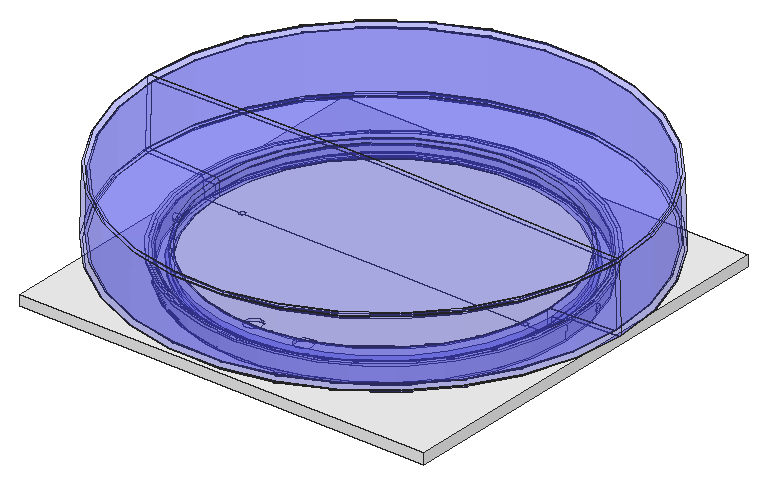
Revit family "BE_23297_de_DE", category Leuchten, Revit 2015
Parameters (values of type "BEGA_23297_K4")
  built-in parameter 1150104 = 12.105 (stored number, unit not read)
  Wattage = 37.8 W
  Default Elevation = 0 mm
  built-in parameter 1150113 = 1 (stored number, unit not read)
  built-in parameter 1114218 = 1 (stored number, unit not read)
  Umgebungstemperatur = "25 °C"
  URL = "http://www.bega.de/produkt/23297"
  Typenkommentare = "© 2017 BEGA. Wir behalten uns das Recht vor, technische Änderungen ohne vorherige Ankündigung vorzunehmen."  # constant formula
  built-in parameter 1150134 = 12
  built-in parameter 1150109 = 1 (stored number, unit not read)
  Strom = ""
  built-in parameter 1150110 = 1 (stored number, unit not read)
  Spannung = 239.996 V
  Sonderanfertigung = no
  Seriennummer [instance] = "Hier können Sie die eindeutige Seriennummer für das Facility Management eintragen."
  Schutzklasse = "I"
  Schutzart = "IP 44"
  Scheinlast = 0 VA
  Produktdatenblatt = "http://www.bega.de/download/Xrfa/db/23297.db.de.pdf"
  Oberflächentemperatur = ""
  Neigungswinkel = 0.00°
  Modell = "23297K4"
  Material_17 = BEGA_Reflektor
  Material_15 = BEGA_Leuchtmedium_matt
  Material_11 = BEGA_Glas_opal
  Material_09 = BEGA_Glas_klar
  Material_06 = BEGA_Oberfläche_Edelstahl_gebürstet
  Material_05 = BEGA_Oberfläche_Aluminium Guss
  Material_03 = BEGA_Oberfläche_Weiss_matt
  Material_02 = BEGA_Oberfläche_Silber_matt
  Material_01 [instance] = BEGA_Oberfläche_Grafit_matt
  M_W = no
  M_G = no
  M_A = no
  Logo = 0
  built-in parameter 1114217 = 1 (stored number, unit not read)
  built-in parameter 1150139 = (empty or 0)
  built-in parameter 1150105 = 1228.4 (stored number, unit not read)
  built-in parameter 1150114 = 1 (stored number, unit not read)
  Lumens = 4925.34 lm
  built-in parameter 1150115 = 1 (stored number, unit not read)
  Leuchtenlichtstrom = "3427 lm"
  Leuchtenanzahl = ""
  Lebensdauerkriterien = "L70B50 @ 25 °C = 192000 h"
  Lastklassifizierung = Beleuchtung
  built-in parameter 1150112 = 1 (stored number, unit not read)
  Lampenlichtstrom = "4925 lm"
  Lampe = "LED 37.8 W"
  LED_Modulbezeichnung = "LED-0531/940 "
  Hersteller = "BEGA"  # constant formula
  Halbstreuwinkel = ""
  Gewicht = "5.2 kg"
  Gebrauchslageneinschränkung [instance] = ""
  Frequenz = "0/50-60 Hz"
  Farbwiedergabeindex = "Ra > 90"
  Farbtemperaturverschiebung bei Dämpfen der Lampe = <Keine Auswahl>
  Farbtemperatur = "4000 K"
  Color Filter = 16777215
  built-in parameter 1150133 = 10 (stored number, unit not read)
  Energieeffizienzklasse = "LED A++ - A"
  built-in parameter 1150137 = (empty or 0)
  built-in parameter 1150132 = (empty or 0)
  ENEC = ""
  Dimmbar [instance] = "DALI"
  Datei für fotometrisches Netz = "BE_23297K4.IES"
  CE_Konformität = "ja"
  Bestellnummer = "23297K4"
  Beschreibung_Sonderanfertigung = "Hier können Sie Informationen zur Sonderanfertigung eintragen."
  Beschreibung = "Decken- und Wandleuchte"
  built-in parameter 1150106 = 12.284 (stored number, unit not read)
  Befestigungsbohrung = "Ø 5,5 mm"
  Befestigungsabstand = "280 mm"
  Ballwurfsicher = ""
  BEGA_Intern_aus = yes
  BEGA_Intern_an = yes
  BEGA_Intern_Konstruktion = yes
  BEGA_Intern = yes
  BEGA_IES = yes
  BEGA_Dummy = no
  Anschlussleitung = ""
  Anschlussleistung [instance] = "43.5 W"
  Anschlusskasten = ""
  built-in parameter 1150107 = 4000 (stored number, unit not read)
  built-in parameter 1150102 = (empty or 0)
  built-in parameter 1150138 = (empty or 0)
  Aktualisierung = "2017-08-30T04:09:44"
  Abstand_zur_angestrahlten_Fläche [instance] = ""
  AC/DC = "AC/DC"
Types (2, lengths in mm): name | built-in parameter 1150104 | built-in parameter 1150134 | Modell | built-in parameter 1150105 | Lumens | Leuchtenlichtstrom | Lampenlichtstrom | LED_Modulbezeichnung | Farbtemperatur | Datei für fotometrisches Netz | Bestellnummer | built-in parameter 1150106 | built-in parameter 1150107
  BEGA_23297_K3 | 11.678 (stored number, unit not read) | (empty or 0) | "23297" | 1185.1 (stored number, unit not read) | 4751.46 lm | "3305 lm" | "4750 lm" | "LED-0531/930 " | "3000 K" | "BE_23297.IES" | "23297" | 11.851 (stored number, unit not read) | 3000 (stored number, unit not read)
  BEGA_23297_K4 | 12.105 (stored number, unit not read) | 12 | "23297K4" | 1228.4 (stored number, unit not read) | 4925.34 lm | "3427 lm" | "4925 lm" | "LED-0531/940 " | "4000 K" | "BE_23297K4.IES" | "23297K4" | 12.284 (stored number, unit not read) | 4000 (stored number, unit not read)
Reference planes
  plane 1 "Mitte (Vorne/Hinten)": y = 0
  plane 2: z = 0
  plane 3 "Mitte (Links/Rechts)": x = 0
  plane 4 "Links": x = -234.948
  plane 5 "Rechts": x = 234.948
  plane 6 "Unten": y = -234.9
  plane 7 "Oben": y = 234.9
  plane 8 "Vorne": z = 99.7
  plane 9 "Hinten": z = 0
Forms (mm)
  Extrusion 1, solid, material "BEGA_Platte_Weiss"
    sketch origin (0, -1119.2, 0) x (1, 0, 0) y (0, 1, 0)
      loop
        line (-200, 1319.2) -> (-200, 919.2) -> (200, 919.2) -> (200, 1319.2) -> (-200, 1319.2)
    from 0 to -10
  Extrusion 2, solid, material "BEGA_Dummy_matt", visible <- "BEGA_Dummy"
    sketch origin (77.149, -76.023, 0) x (1, 0, 0) y (0, 1, 0)
      loop
        circle (-77.149, 76.023) r 235
    from 0 to 99.7
Dimensions and locks
  plane 1 "Mitte (Vorne/Hinten)" to Extrusion 1 = 200 mm
  aligned and locked: plane 2 to Extrusion 1
  aligned and locked: level to Extrusion 1
Nested families
  nested 1: "BE_23297" at (0, 0, 0), type "BE_23297"
Connectors
  electrical at (0, 0, 0), driven by "Lastklassifizierung", driven by "Spannung", driven by "Scheinlast"
    settings: index 1, voltage 239.996 V, apparent load 0 VA, apparent load phase1 0 VA, apparent load phase2 0 VA, apparent load phase3 0 VA, power factor 1, load classification "Beleuchtung", number of poles 1, system type 31, power factor state 1, is connector primary yes, connector utility no, sub classification motor no, connector description ""
Definition of nested family "BE_23297"
  Parameters (values of type "BE_23297")
    Default Elevation = 1 mm
    URL = "http://www.bega.de/de/produkt"
    Type Comments = "© 2015 BEGA. Wir behalten uns das Recht vor, technische Änderungen ohne vorherige Ankündigung vorzunehmen. "  # constant formula
    Type Image = (empty or 0)
    Neigungswinkel_um_Z2 = 0.00°
    Neigungswinkel_um_Z1 = 0.00°
    Neigungswinkel_um_Y2 = 0.00°
    Neigungswinkel_um_Y1 = 0.00°
    Neigungswinkel_um_X2 = 0.00°
    Neigungswinkel_um_X1 = 0.00°
    Material_17 = none
    Material_15 = none
    Material_11 = none
    Material_09 = none
    Material_06 = none
    Material_05 = none
    Material_03 = none
    Material_02 = none
    Material_01 = none
    M_W = yes
    M_G = yes
    M_A = yes
    Länge_Platte = 600 mm  # constant formula
    Höhe_Platte = -10 mm  # constant formula
    Manufacturer = "BEGA"  # constant formula
    Drehwinkel_um_Z2 = 0.00°
    Drehwinkel_um_Z1 = 0.00°
    Breite_Platte = 600 mm  # constant formula
  Reference planes
    plane 1 "Mitte (Oben/Unten)": y = 0
    plane 2: z = 0
    plane 3 "Mitte (Links/Rechts)": x = 0
    plane 4: x = -234.948
    plane 5: z = 99.7
    plane 6: x = 234.948
    plane 7: y = -234.9
    plane 8: y = 234.9
  Forms (mm)
    Extrusion 1, solid, detail levels medium
      sketch origin (0, 0, 0) x (1, 0, 0) y (0, 1, 0)
        loop
          line (-300, 300) -> (-300, -300) -> (300, -300) -> (300, 300) -> (-300, 300)
      from 0 to -10 <- "Höhe_Platte"
    Revolve 2, solid, material <- "Material_03", detail levels medium+fine
      sketch origin (0, 0, 0) x (1, 0, 0) y (0, 0, 1)
        loop
          line (-185, 23.01) -> (-182.531, 23)
          arc (-182.531, 23) -> (-181.129, 22.426) -> (-180.531, 21.035) r 2
          line (-180.531, 21.035) -> (-180.268, 5.954)
          arc (-180.268, 5.954) -> (-179.372, 3.864) -> (-177.268, 3) r 3
          line (-177.268, 3) -> (0, 3) -> (0, 5.01) -> (-177.268, 5.01)
          arc (-177.268, 5.01) -> (-177.969, 5.297) -> (-178.268, 5.993) r 1
          line (-178.268, 5.993) -> (-178.531, 21.065)
          arc (-178.531, 21.065) -> (-179.726, 23.851) -> (-182.531, 25.01) r 4
          line (-182.531, 25.01) -> (-185, 25.01) -> (-185, 23.01)
        axis (0, 3) -> (0, 25.01)
      angle from 0 to 360
    Revolve 3, solid, material <- "Material_11", detail levels medium+fine
      sketch origin (0, 0, 0) x (1, 0, 0) y (0, 0, 1)
        loop
          line (0, 99.7) -> (-231.281, 95.733)
          arc (-231.281, 95.733) -> (-232.657, 95.151) -> (-233.246, 93.778) r 2
          line (-233.246, 93.778) -> (-234.948, 28.777)
          arc (-234.948, 28.777) -> (-234.406, 27.354) -> (-233.019, 26.726) r 2
          line (-233.019, 26.726) -> (-179.745, 24.866)
          arc (-179.745, 24.866) -> (-178.929, 22.638) -> (-176.75, 21.7) r 3
          line (-176.75, 21.7) -> (-166.5, 21.7) -> (-166.5, 15.467) -> (-169, 13.263) -> (-169, 9.7) -> (-165, 9.7) -> (-162.5, 11.7) -> (-162.5, 25.461)
          arc (-162.5, 25.461) -> (-163.315, 27.479) -> (-165.303, 28.364) r 2.905
          line (-165.303, 28.364) -> (-228.913, 30.585)
          arc (-228.913, 30.585) -> (-230.305, 31.216) -> (-230.845, 32.646) r 2
          line (-230.845, 32.646) -> (-229.347, 89.852)
          arc (-229.347, 89.852) -> (-228.757, 91.219) -> (-227.386, 91.799) r 2
          line (-227.386, 91.799) -> (0, 95.699) -> (0, 99.7)
        axis (0, 99.7) -> (0, 9.7)
      angle from 0 to 360
    Extrusion 4, void
      sketch origin (0, 0, 0) x (1, 0, 0) y (0, 1, 0)
        loop
          circle (-25, -130) r 8.5
        loop
          circle (-140, 0) r 2.75
        loop
          circle (25, -130) r 8.5
        loop
          circle (140, 0) r 2.75
      from 0 to 6
    Revolve 5, solid, material <- "Material_03", detail levels medium+fine
      sketch origin (20.712, -116.673, 0) x (1, 0, 0) y (0, 0, 1)
        loop
          line (-137.385, 3.824) -> (-146.241, 3.824)
          arc (-146.241, 3.824) -> (-142.208, 0.997) -> (-137.385, 0) r 12.167
          line (-137.385, 0) -> (-137.385, 3.824)
        axis (-137.385, 0) -> (-137.385, 3.824)
      angle from 0 to 360
    Revolve 6, solid, material <- "Material_06", detail levels fine
      sketch origin (0, 0, 11.5) x (0.087156, -0.996195, 0) y (0.996195, 0.087156, 0)
        loop
          line (28.144, -178.328) -> (31.345, -177.763) -> (29.972, -169.982) -> (26.772, -170.546) -> (28.144, -178.328)
        axis (29.972, -169.982) -> (31.345, -177.763)
      angle from 0 to 360
    Revolve 7, solid, material <- "Material_03", detail levels medium+fine
      sketch origin (-116.673, -20.712, 0) x (0, -1, 0) y (0, 0, 1)
        loop
          line (-137.385, 3.824) -> (-146.241, 3.824)
          arc (-146.241, 3.824) -> (-142.208, 0.997) -> (-137.385, 0) r 12.167
          line (-137.385, 0) -> (-137.385, 3.824)
        axis (-137.385, 0) -> (-137.385, 3.824)
      angle from 0 to 360
    Revolve 8, solid, material <- "Material_03", detail levels medium+fine
      sketch origin (116.673, 20.712, 0) x (0, 1, 0) y (0, 0, 1)
        loop
          line (-137.385, 3.824) -> (-146.241, 3.824)
          arc (-146.241, 3.824) -> (-142.208, 0.997) -> (-137.385, 0) r 12.167
          line (-137.385, 0) -> (-137.385, 3.824)
        axis (-137.385, 0) -> (-137.385, 3.824)
      angle from 0 to 360
    Revolve 9, solid, material <- "Material_03", detail levels medium+fine
      sketch origin (-20.712, 116.673, 0) x (-1, 0, 0) y (0, 0, 1)
        loop
          line (-137.385, 3.824) -> (-146.241, 3.824)
          arc (-146.241, 3.824) -> (-142.208, 0.997) -> (-137.385, 0) r 12.167
          line (-137.385, 0) -> (-137.385, 3.824)
        axis (-137.385, 0) -> (-137.385, 3.824)
      angle from 0 to 360
    Revolve 10, solid, material <- "Material_06", detail levels fine
      sketch origin (0, 0, 11.5) x (0.422618, -0.906308, 0) y (0.906308, 0.422618, 0)
        loop
          line (28.144, 178.328) -> (26.772, 170.546) -> (29.972, 169.982) -> (31.345, 177.763) -> (28.144, 178.328)
        axis (29.972, 169.982) -> (31.345, 177.763)
      angle from 0 to 360
  Cuts and joins
    Extrusion 4 cuts Revolve 2
    joined: Revolve 2, Revolve 5, Revolve 7, Revolve 8, Revolve 9
  Dimensions and locks
    equal spacing: Extrusion 1 sketch curve, plane 3 "Mitte (Links/Rechts)", Extrusion 1 sketch curve
    equal spacing: Extrusion 1 sketch curve, plane 1 "Mitte (Oben/Unten)", Extrusion 1 sketch curve
    "Länge_Platte": Extrusion 1 sketch curve to Extrusion 1 sketch curve
    "Breite_Platte": Extrusion 1 sketch curve to Extrusion 1 sketch curve
    aligned and locked: Extrusion 1 to plane 2
    aligned and locked: level to Extrusion 1
  Automatic sketch dimensions
    Revolve 2 sketch curve to Revolve 2 sketch curve = 0 mm  (x7)
    Revolve 2 sketch curve to plane 3 "Mitte (Links/Rechts)" = 0 mm  (x2)
    level to Revolve 2 sketch curve = 6.003 mm
    Revolve 2 sketch curve to plane 4 = 57.68 mm
    level to Revolve 2 sketch curve = 5.993 mm
    Revolve 2 sketch curve to Revolve 2 sketch curve = 1 mm
    level to Revolve 2 sketch curve = 21.065 mm
    Revolve 2 sketch curve to Revolve 2 sketch curve = 0.263 mm
    level to Revolve 2 sketch curve = 5.954 mm
    Revolve 2 sketch curve to Revolve 2 sketch curve = 2 mm  (x4)
    level to Revolve 2 sketch curve = 21.035 mm
    Revolve 2 sketch curve to Revolve 2 sketch curve = 2.469 mm
    level to Revolve 2 sketch curve = 3 mm
    Revolve 2 sketch curve to Revolve 2 sketch curve = 2.01 mm
    Revolve 2 sketch curve to Revolve 2 sketch curve = 0.035 mm
    Revolve 2 sketch curve to Revolve 2 sketch curve = 0.01 mm
    Revolve 2 sketch curve to Revolve 2 sketch curve = 0.569 mm
    plane 4 to Revolve 3 sketch curve = 0 mm  (x2)
    Revolve 3 sketch curve to plane 3 "Mitte (Links/Rechts)" = 0 mm  (x2)
    Revolve 3 sketch curve to plane 5 = 0 mm
    Revolve 3 sketch curve to plane 4 = 1.702 mm
    Revolve 3 sketch curve to plane 4 = 1.999 mm
    Revolve 3 sketch curve to Revolve 3 sketch curve = 2 mm  (x3)
    Revolve 3 sketch curve to plane 4 = 4.103 mm
    Revolve 3 sketch curve to Revolve 3 sketch curve = 1.933 mm
    Revolve 3 sketch curve to Revolve 3 sketch curve = 1.999 mm  (x4)
    Revolve 3 sketch curve to Revolve 3 sketch curve = 3.861 mm
    Revolve 3 sketch curve to Revolve 3 sketch curve = 0.038 mm
    level to Revolve 3 sketch curve = 24.866 mm
    Revolve 3 sketch curve to Revolve 3 sketch curve = 49.167 mm
    Revolve 3 sketch curve to Revolve 3 sketch curve = 2.995 mm
    level to Revolve 3 sketch curve = 13.263 mm
    Revolve 3 sketch curve to Revolve 3 sketch curve = 7.75 mm
    Revolve 3 sketch curve to Revolve 3 sketch curve = 2.5 mm
    Revolve 3 sketch curve to Revolve 3 sketch curve = 1.095 mm
    level to Revolve 3 sketch curve = 28.364 mm
    Revolve 3 sketch curve to Revolve 3 sketch curve = 0.101 mm
    level to Revolve 3 sketch curve = 9.7 mm
    Revolve 3 sketch curve to Revolve 3 sketch curve = 4 mm
    Revolve 3 sketch curve to Revolve 3 sketch curve = 2.905 mm
    Revolve 3 sketch curve to Revolve 3 sketch curve = 2.204 mm
    Revolve 3 sketch curve to Revolve 3 sketch curve = 3.761 mm
    Revolve 3 sketch curve to Revolve 3 sketch curve = 0.166 mm
    level to Revolve 3 sketch curve = 28.725 mm
    Revolve 3 sketch curve to Revolve 3 sketch curve = 1.86 mm
    plane 5 to Revolve 3 sketch curve = 9.901 mm
    Revolve 3 sketch curve to Revolve 3 sketch curve = 1.934 mm
    Revolve 3 sketch curve to Revolve 3 sketch curve = 0.044 mm
    Revolve 3 sketch curve to Revolve 3 sketch curve = 4.001 mm
    Revolve 3 sketch curve to plane 4 = 1.93 mm
    Revolve 3 sketch curve to Revolve 3 sketch curve = 0 mm  (x9)
    Revolve 3 sketch curve to Revolve 3 sketch curve = 0.034 mm
    Revolve 3 sketch curve to Revolve 3 sketch curve = 30.444 mm
    Revolve 3 sketch curve to Revolve 3 sketch curve = 13.579 mm
    plane 1 "Mitte (Oben/Unten)" to Extrusion 4 sketch curve = 0 mm  (x2)
    Extrusion 4 sketch curve to plane 4 = 94.948 mm
    Extrusion 4 sketch curve to plane 3 "Mitte (Links/Rechts)" = 25 mm
    plane 3 "Mitte (Links/Rechts)" to Extrusion 4 sketch curve = 25 mm
    Extrusion 4 sketch curve to plane 6 = 94.948 mm
    plane 7 to Extrusion 4 sketch curve = 104.9 mm
    Extrusion 4 sketch curve to Extrusion 4 sketch curve = 0 mm
    Revolve 5 sketch curve to level = 0 mm  (x2)
    level to Revolve 5 sketch curve = 3.824 mm
    Revolve 5 sketch curve to plane 4 = 109.42 mm
    level to Revolve 5 sketch curve = 12.167 mm
    Revolve 5 sketch curve to Revolve 5 sketch curve = 8.856 mm
    Revolve 5 sketch curve to Revolve 5 sketch curve = 0 mm
    Revolve 5 sketch curve to Revolve 5 sketch curve = 0.51 mm
    plane 1 "Mitte (Oben/Unten)" to Revolve 6 sketch curve = 41.534 mm
    Revolve 6 sketch curve to plane 4 = 67.384 mm
    Revolve 6 sketch curve to Revolve 6 sketch curve = 1.372 mm
    Revolve 6 sketch curve to Revolve 6 sketch curve = 3.201 mm  (x2)
    Revolve 6 sketch curve to Revolve 6 sketch curve = 7.217 mm
    Revolve 6 sketch curve to Revolve 6 sketch curve = 0.564 mm  (x2)
    Revolve 6 sketch curve to Revolve 6 sketch curve = 3.726 mm
    Revolve 6 sketch curve to Revolve 6 sketch curve = 1.44 mm
    Revolve 6 sketch curve to Revolve 6 sketch curve = 21.133 mm
    Revolve 6 sketch curve to Revolve 6 sketch curve = 8.164 mm
    Revolve 7 sketch curve to level = 0 mm  (x2)
    level to Revolve 7 sketch curve = 3.824 mm
    plane 8 to Revolve 7 sketch curve = 109.371 mm
    level to Revolve 7 sketch curve = 12.167 mm
    Revolve 7 sketch curve to Revolve 7 sketch curve = 8.856 mm
    Revolve 7 sketch curve to Revolve 7 sketch curve = 0 mm
    Revolve 7 sketch curve to Revolve 7 sketch curve = 0.51 mm
    Revolve 8 sketch curve to level = 0 mm  (x2)
    level to Revolve 8 sketch curve = 3.824 mm
    plane 7 to Revolve 8 sketch curve = 109.371 mm
    level to Revolve 8 sketch curve = 12.167 mm
    Revolve 8 sketch curve to Revolve 8 sketch curve = 8.856 mm
    Revolve 8 sketch curve to Revolve 8 sketch curve = 0 mm
    Revolve 8 sketch curve to Revolve 8 sketch curve = 0.51 mm
    Revolve 9 sketch curve to level = 0 mm  (x2)
    level to Revolve 9 sketch curve = 3.824 mm
    Revolve 9 sketch curve to plane 6 = 109.42 mm
    level to Revolve 9 sketch curve = 12.167 mm
    Revolve 9 sketch curve to Revolve 9 sketch curve = 8.856 mm
    Revolve 9 sketch curve to Revolve 9 sketch curve = 0 mm
    Revolve 9 sketch curve to Revolve 9 sketch curve = 0.51 mm
    Revolve 10 sketch curve to plane 1 "Mitte (Oben/Unten)" = 47.813 mm
    Revolve 10 sketch curve to plane 6 = 69.066 mm
    Revolve 10 sketch curve to Revolve 10 sketch curve = 1.372 mm
    Revolve 10 sketch curve to Revolve 10 sketch curve = 3.201 mm  (x2)
    Revolve 10 sketch curve to Revolve 10 sketch curve = 0.564 mm  (x2)
    Revolve 10 sketch curve to Revolve 10 sketch curve = 7.781 mm
    Revolve 10 sketch curve to Revolve 10 sketch curve = 3.726 mm
    Revolve 10 sketch curve to Revolve 10 sketch curve = 1.44 mm
    Revolve 10 sketch curve to Revolve 10 sketch curve = 21.133 mm
    Revolve 10 sketch curve to Revolve 10 sketch curve = 8.164 mm
    radius of Extrusion 4 sketch curve = 8.5 mm  (x2)
    radius of Extrusion 4 sketch curve = 2.75 mm  (x2)
